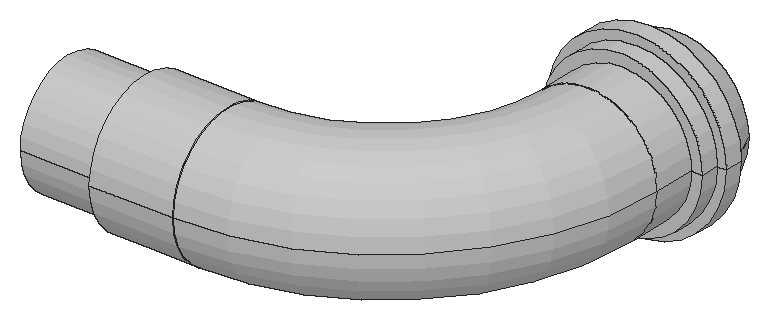
Revit family "6249 02_Eisenrohranschlussbogen 90°", category Rohrformteile, Revit 2021
Family settings
  Bemaßung runder Anschluss = Radius verwenden
  Teiletyp = Bogen
  OmniClass-Nummer = 23.60.30.11.14
  OmniClass-Titel = Pipework Fittings
  Arbeitsebenenbasiert = Nein
  Immer vertikal = Ja
  Beim Laden mit Abzugskörper schneiden = Nein
  Gemeinsam genutzt = Nein
Parameters (values of type "R3/4")
  Vorgabe-Ansicht = 0.00 mm
  URL = "www.herz-armaturen.at"
  SCRNSEQ = "AWI;AWI_TYP=\"1001\";1"
  SCRNCODE = "07;08;01"  # constant formula
  R01 [instance] = size_lookup("Elbow Steel DIN 2605", "R1", 1.00 mm, Nenndurchmesser)  # 14.60 mm
  O-Ring = "EPDM"  # constant formula
  Medium = "Heizungswasser nach ÖNORM H5195 oder VDI- Richtlinie 2035.\r\nDie Verwendung von Ethylen- oder Propyleneglykol in einem Mischungsverhältnis 25- 50% ist zulässig."
  Max. Betriebstemperatur = 110 °C  # constant formula
  Max. Betriebsdruck = 1000000.0 Pa  # constant formula
  L02 [instance] = if(Nenndurchmesser = 10.00 mm, 17.50 mm, if(Nenndurchmesser = 15.00 mm, 25.00 mm, if(Nenndurchmesser = 20.00 mm, 26.60 mm, 0.00 mm)))  # 26.60 mm
  L01 [instance] = size_lookup("Elbow Steel DIN 2605", "L1", 1.00 mm, Nenndurchmesser)  # 12.70 mm
  L00 [instance] = size_lookup("Elbow Steel DIN 2605", "L", 1.00 mm, Nenndurchmesser)  # 60.00 mm
  Hinweiß = "Der O-Ring dient als zusätzliche Dichtung, bei Verlust ist der Eisenrohranschlussbogen metallisch dichtend."
  Hersteller = "HERZ Armaturen Ges.m.b.H."  # constant formula
  H03 [instance] = size_lookup("Elbow Steel DIN 2605", "H3", 1.00 mm, Nenndurchmesser)  # 3.00 mm
  H02 [instance] = size_lookup("Elbow Steel DIN 2605", "H2", 1.00 mm, Nenndurchmesser)  # 3.00 mm
  H01 [instance] = size_lookup("Elbow Steel DIN 2605", "H1", 1.00 mm, Nenndurchmesser)  # 8.50 mm
  H00 [instance] = size_lookup("Elbow Steel DIN 2605", "H", 1.00 mm, Nenndurchmesser)  # 52.00 mm
  D03 [instance] = size_lookup("Elbow Steel DIN 2605", "D3", 1.00 mm, Nenndurchmesser)  # 13.40 mm
  D02 [instance] = size_lookup("Elbow Steel DIN 2605", "D2", 1.00 mm, Nenndurchmesser)  # 14.20 mm
  D01 [instance] = size_lookup("Elbow Steel DIN 2605", "D1", 1.00 mm, Nenndurchmesser)  # 11.80 mm
  D00 [instance] = size_lookup("Elbow Steel DIN 2605", "D", 1.00 mm, Nenndurchmesser)  # 15.00 mm
  Bogen = "Messing CC754S, vernickelt"  # constant formula
  Bestellnummer [instance] = if(Nenndurchmesser = 10.00 mm, 1624900, if(Nenndurchmesser = 15.00 mm, 1624901, if(Nenndurchmesser = 20.00 mm, 1624902, 0)))  # 1624902
  Außenradius [instance] = size_lookup("Elbow Steel DIN 2605", "ORad", 0.5 * Nenndurchmesser + 5.90 mm, Nenndurchmesser)  # 11.50 mm
  Nennradius [instance] = 10 mm  # constant formula
  Nenndurchmesser [instance] = Nennradius * 2  # 20 mm
  Verlustberechnungsmethode = K-Koeffizient aus Tabelle
  Name der Abruftabelle = "Elbow Steel DIN 2605"
  Länge 2 [instance] = Bogenradius - Bogenradius * cos(Winkel)  # 33.40 mm
  Länge 1 [instance] = Bogenradius * sin(Winkel)  # 33.40 mm
  K-Koeffizient-Tabelle = "Regular 45, 90 and 180 Elbow"
  Ausführung = "Eisenrohranschlussbogen 90° aus Messing vernickelt, konisch dichtend, ohne Mutter."
  Abstand Mittelpunkt Ende [instance] = Radius 1 * tan(Winkel / 2)  # 33.4 mm
  Radius 1 [instance] = if(Bogenradius < Außenradius + 1 mm, Außenradius + 1 mm, Bogenradius)  # 33.4 mm
  Bogenradius [instance] = size_lookup(Name der Abruftabelle, "CRad", 1.02 * Nenndurchmesser + 0.4 mm, Nenndurchmesser)  # 33.4 mm
  Winkel [instance] = 90.00°  # constant formula
  3_4 = yes
Reference planes
  plane 1 "Mitte (Vorne/hinten)": y = 0
  plane 2: z = 0
  plane 3 "Mitte (Links/rechts)": x = 0
  plane 4: x = -33.4
  plane 5: y = 33.4
  plane 6: y = 10
  plane 7: y = -10
  plane 8: z = 10
  plane 9: z = -10
  plane 10: x = 0
  plane 11: y = 33.4
Forms (mm)
  Sweep 1, solid, material "Messing, vernickelt", detail levels fine
    path in 3D
      loop
        arc (-33.4, 0, 0) -> (-9.783, 9.783, 0) -> (0, 33.4, 0) r 33.4
    profile origin (-9.783, 9.783, 0) x (-0.707107, 0.707107, 0) y (0, 0, 1)
      loop
        circle (0, 0) r 11.5
  Revolve 2, solid, material "Messing, vernickelt", detail levels fine
    sketch origin (-33.4, 33.4, 0) x (0, -1, 0) y (1, 0, 0)
      loop
        line (-18.6, 33.4) -> (-18.6, 21.6) -> (-13.1, 19.2) -> (-13.1, 18.4) -> (-10.1, 18.4) -> (-10.1, 20) -> (-7.1, 20) -> (-7.1, 21.9) -> (0, 21.9) -> (0, 33.4) -> (-18.6, 33.4)
      axis (-18.6, 33.4) -> (0, 33.4)
    angle from 0 to 360
  Revolve 3, solid, material "Messing, vernickelt", detail levels fine
    sketch origin (-22.5, 22.5, 0) x (0, -1, 0) y (1, 0, 0)
      loop
        line (22.5, -10.9) -> (22.5, -37.5) -> (32.5, -37.5) -> (32.5, -24.8) -> (34, -24.8) -> (34, -10.9) -> (22.5, -10.9)
      axis (22.5, -10.9) -> (22.5, -37.5)
    angle from 0 to 360
Lines and regions (mm)
  reference lines
    curve 1: arc (-33.4, 0, 0) -> (-9.783, 9.783, 0) -> (0, 33.4, 0) r 33.4
    curve 6: line (-33.4, 33.4, 0) -> (15.087, 33.4, 0)
    curve 7: line (-33.4, 33.4, 0) -> (-33.4, 80.31, 0)
    curve 8: line (0, 71.547, 0) -> (0, -5.815, 0)
    curve 9: line (-10, 63.841, 0) -> (-10, 38.841, 0)
    curve 10: line (10, 63.841, 0) -> (10, 38.841, 0)
    curve 14: line (-33.4, 33.4, 0) -> (-33.4, 0, 0)
  sketch lines
    curve 2: arc (-33.4, 0, 0) -> (-9.783, 9.783, 0) -> (0, 33.4, 0) r 33.4
  model lines, style "Symbol", detail levels coarse+medium
    curve 3: line (-33.4, 0, 25) -> (-33.4, 0, -25)
    curve 5: line (-33.4, 10, 0) -> (-33.4, -10, 0)
    curve 12: line (-10, 33.4, 0) -> (10, 33.4, 0)
    curve 15: arc (-33.4, 0, 0) -> (-9.783, 9.783, 0) -> (0, 33.4, 0) r 33.4
    curve 16: line (0, 33.4, 10) -> (0, 33.4, -10)
  model lines, detail levels coarse+medium
    curve 4: line (-33.4, 10, 0) -> (-33.4, -10, 0)
    curve 11: line (-10, 33.4, 0) -> (10, 33.4, 0)
    curve 13: arc (-33.4, 0, 0) -> (-9.783, 9.783, 0) -> (0, 33.4, 0) r 33.4
Dimensions and locks
  "Abstand Mittelpunkt Ende": plane 4 to plane 3 "Mitte (Links/rechts)"
  "Radius 1": plane 5 to plane 1 "Mitte (Vorne/hinten)"
  locked: plane 5 to curve 1 at 0
  locked: plane 4 to curve 1 at 0
  "Nennradius": plane 6 to plane 1 "Mitte (Vorne/hinten)"
  equal spacing: plane 6, plane 1 "Mitte (Vorne/hinten)", plane 7
  "Radius 1": curve 7 to curve 8
  "Nennradius": curve 9 to curve 8
  "Nennradius": curve 8 to curve 10
  "Nennradius": plane 8 to plane 2
  "Nennradius": plane 9 to plane 2
  "Länge 1": plane 4 to plane 10
  "Länge 2": plane 11 to plane 1 "Mitte (Vorne/hinten)"
  "D02": Revolve 2 sketch curve to curve 8
  "D00": Revolve 2 sketch curve to curve 8
  "D03": Revolve 2 sketch curve to curve 8
  "Außenradius": Revolve 2 sketch curve to Revolve 2 sketch curve
  "H03": Revolve 2 sketch curve to Revolve 2 sketch curve
  "H01": Revolve 2 sketch curve to Revolve 2 sketch curve
  "H02": Revolve 2 sketch curve to Revolve 2 sketch curve
  "H00": Revolve 2 sketch curve to plane 1 "Mitte (Vorne/hinten)"
  "Länge 1": plane 4 to Revolve 2 sketch curve
  "Radius 1": plane 4 to Revolve 2 sketch curve
  "L00": Revolve 3 sketch curve to plane 3 "Mitte (Links/rechts)"
  "Radius 1": plane 11 to Revolve 3 sketch curve
  "Nennradius": Revolve 3 sketch curve to Revolve 3 sketch curve
  "L01": Revolve 3 sketch curve to Revolve 3 sketch curve
  "Außenradius": Revolve 3 sketch curve to Revolve 3 sketch curve
  "Radius 1": Revolve 3 sketch curve to plane 11
  "L02": Revolve 3 sketch curve to Revolve 3 sketch curve
  "Radius 1": radius of curve 1
  "Außenradius": radius of Sweep 1 sketch curve
  "Radius 1": radius of curve 13
  "Radius 1": radius of curve 15
  "Winkel": angle curve 1 to curve 1
  "Winkel": angle plane 4 to curve 6
  locked: curve 6 to curve 7 (angle 90.00°)
  locked: curve 6 to curve 8 (angle 90.00°)
  locked: curve 6 to curve 9 (angle 90.00°)
  locked: curve 6 to curve 10 (angle 90.00°)
  "Winkel": angle curve 13 to curve 13
  "Winkel": angle curve 15 to curve 15
  aligned and locked: plane 4 to curve 1
  aligned and locked: curve 4 to plane 6
  aligned and locked: curve 4 to plane 7
  aligned and locked: curve 4 to plane 4
  aligned and locked: curve 5 to plane 7
  aligned and locked: curve 5 to plane 6
  aligned and locked: curve 5 to plane 4
  aligned and locked: plane 4 to curve 6
  aligned and locked: plane 5 to curve 6
  aligned and locked: plane 4 to curve 7
  aligned and locked: plane 5 to curve 7
  aligned and locked: curve 9 to curve 11
  aligned and locked: curve 10 to curve 11
  aligned and locked: curve 6 to curve 11
  aligned and locked: curve 9 to curve 12
  aligned and locked: curve 10 to curve 12
  aligned and locked: curve 6 to curve 12
  aligned and locked: plane 4 to curve 13  (x2)
  aligned and locked: plane 1 "Mitte (Vorne/hinten)" to curve 13
  aligned and locked: plane 5 to curve 14
  aligned and locked: curve 14 to plane 4
  aligned and locked: plane 5 to curve 15
  aligned and locked: plane 4 to curve 15  (x2)
  aligned and locked: plane 8 to curve 16
  aligned and locked: curve 16 to plane 9
  aligned and locked: curve 16 to plane 11
Automatic sketch dimensions
  curve 3 to curve 3 = 50.00 mm
  Sweep 1 sketch curve to profile plane = 0.00 mm
  profile plane to Sweep 1 sketch curve = 0.00 mm
  curve 8 to curve 6 = 39.215 mm
  curve 9 to curve 6 = 5.441 mm
  curve 6 to curve 10 = 5.441 mm
  curve 14 to Revolve 2 sketch curve = 0.00 mm
  Revolve 2 sketch curve to Revolve 2 sketch curve = 2.40 mm
  Revolve 2 sketch curve to Revolve 2 sketch curve = 23.847 mm
  curve 14 to Revolve 2 sketch curve = 16.715 mm
  Revolve 3 sketch curve to Revolve 3 sketch curve = 1484.00 mm
  plane 3 "Mitte (Links/rechts)" to Revolve 3 sketch curve = 1524.00 mm
Connectors
  piping at (-60, 0, 0), diameter 20, driven by "Nennradius"
    settings: on Revolve 3, index 2, connector inside diameter 609.6 mm, connector length 0.00 mm, flow factor 0, pipe flow 0.0 L/s, pressure drop 0.0 Pa, fitting loss kfactor 0, connector angle 0.00°, fixture units 0, engagement length 0.00 mm, angle of deflection 0.00°, flow configuration 0, flow direction 0, fitting loss method 0, system type 7, joint type 0, gender type 0, connector reference index -1, connector utility 0, adjustable connector no, is connector primary yes, connector description ""
  piping at (0, 52, 0), diameter 20, driven by "Nennradius"
    settings: on Revolve 2, index 3, connector inside diameter 609.6 mm, connector length 0.00 mm, flow factor 0, pipe flow 0.0 L/s, pressure drop 0.0 Pa, fitting loss kfactor 0, connector angle 0.00°, fixture units 0, engagement length 0.00 mm, angle of deflection 0.00°, flow configuration 0, flow direction 0, fitting loss method 0, system type 7, joint type 0, gender type 0, connector reference index -1, connector utility 0, adjustable connector no, is connector primary no, connector description ""
